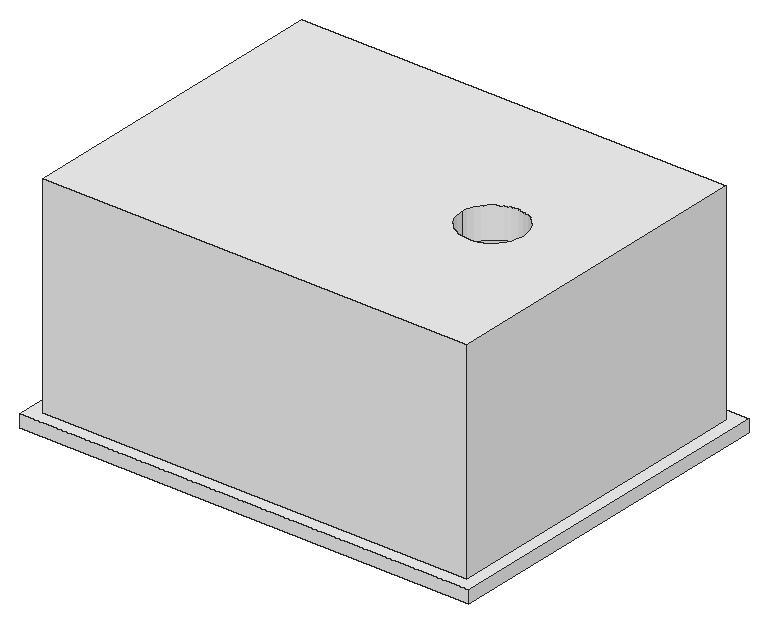
Revit family "LB01000010", category Plumbing Fixtures, Revit 2015
Parameters
  URL = "www.arboles.co.uk"
  Manufacturer = "ARBOLES UK LTD, 01204 388814"
  Description = "Ceramic Larch Sink 360mm x 280mm x 178mm White"
Reference planes
  plane 1 "Center (Front/Back)": y = 0
  plane 2: z = 0
  plane 3 "Center (Left/Right)": x = 0
Forms (mm)
  Extrusion 1, solid
    sketch origin (0, 0, 0) x (1, 0, 0) y (0, 1, 0)
      loop
        line (0, 0) -> (360, 0) -> (360, 280) -> (0, 280) -> (0, 0)
    from 0 to 178
  Extrusion 2, void
    sketch origin (0, 0, 0) x (1, 0, 0) y (0, 1, 0)
      loop
        line (40, 40) -> (320, 40) -> (320, 240) -> (40, 240) -> (40, 40)
    from 0 to 153
  Extrusion 3, void
    sketch origin (0, 0, 0) x (1, 0, 0) y (0, 1, 0)
      loop
        circle (266.285, 140.768) r 25
    from 0 to 200
  Extrusion 4, void
    sketch origin (0, 0, 178) x (0, 1, 0) y (1, 0, 0)
      loop
        line (270, 350) -> (270, 10) -> (10, 10) -> (10, 350) -> (-25, 350) -> (-25, -40) -> (305, -40) -> (305, 350) -> (270, 350)
    from 0 to 168
  Extrusion 5, void
    sketch origin (0, 0, 178) x (0, 1, 0) y (1, 0, 0)
      loop
        line (300, 350) -> (300, 395) -> (-25, 395) -> (-25, 350) -> (300, 350)
    from 0 to 168
Cuts and joins
  Extrusion 2, Extrusion 3, Extrusion 4, Extrusion 5 cuts Extrusion 1
Lines and regions (mm)
  reference lines
    curve 1: line (40, 40, 0) -> (110, 40, 0)
    curve 2: line (10, 10, 178) -> (350, 10, 178)
    curve 3: line (350, 10, 178) -> (350, 270, 178)
Dimensions and locks
  aligned and locked: level to plane 2
